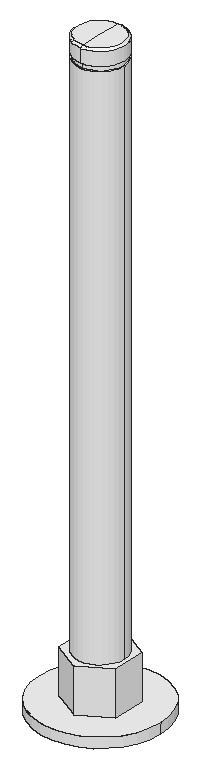
Revit family "Reece_Shower_Posh_Solus_Shower Arm_Vertical", category Plumbing Fixtures, host Face, Revit 2018
Family settings
  Host = Face
  Round Connector Dimension = Use Diameter
  Part Type = Normal
  Cut with Voids When Loaded = No
  Shared = Yes
  Room Calculation Point = Yes
Parameters (values of type "300_Chrome")
  WFU = 0  # constant formula
  URL = "https://www.reece.com.au/product/-9503560"
  Type Comments = "Shower"
  Reece_Shower_Inlet = 15 mm  # constant formula
  Reece_Product_Web Page = "https://www.reece.com.au/product/-9503560"
  Reece_Product_Type = "Shower"  # constant formula
  Reece_Product_Sub Brand = "Solus"  # constant formula
  Reece_Product_Number = "9503560"
  Reece_Product_Mount = "Ceiling Mounted"
  Reece_Product_Description = "Posh Solus Vertical Shower Arm & Cover 300mm Chrome"
  Reece_Product_Brand = "Posh"  # constant formula
  Reece_Overall_Height = 300 mm
  Reece_Overall_Diameter = 24 mm
  Reece_Material_Main [instance] = Reece_Brass_Chrome
  Reece_Detail_Disclaimer = "THIS FILE IS THE PROPERTY OF THE REECE GROUP. IT MAY NOT BE REPRODUCED, REVERSE-ENGINEERED OR MODIFIED. ANY REPUBLICATION, TRANSMISSION OR DISTRIBUTION FOR THE PURPOSE OF COMMERCIALLY EXPLOITING THE FILES IS PROHIBITED."  # constant formula
  Reece_Detail_Additional = "Vertical"  # constant formula
  Model = "Solus"
  Manufacturer = "Posh"
  Keynote = "Product #9503560, Reece_Shower_Posh_Solus_Shower Arm_Vertical - 300_Chrome"
  HWFU = 0  # constant formula
  Disclaimer = "THIS FILE IS THE PROPERTY OF THE REECE GROUP. IT MAY NOT BE REPRODUCED, REVERSE-ENGINEERED OR MODIFIED. ANY REPUBLICATION, TRANSMISSION OR DISTRIBUTION FOR THE PURPOSE OF COMMERCIALLY EXPLOITING THE FILES IS PROHIBITED."  # constant formula
  Description = "Posh Solus Vertical Shower Arm & Cover 300mm Chrome"
  Default Elevation = 0 mm
  CWFU = 0  # constant formula
Types (2, lengths in mm): name | URL | Reece_Product_Web Page | Reece_Product_Number | Reece_Product_Description | Reece_Overall_Height | Keynote | Description
  600mm_Chrome | "https://www.reece.com.au/product/-9503561" | "https://www.reece.com.au/product/-9503561" | "9503561" | "Posh Solus Vertical (Ceiling) Shower Arm & Cover 600mm Chrome" | 600 | "Product #9503561, Reece_Shower_Posh_Solus_Shower Arm_Vertical - 600mm_Chrome" | "Posh Solus Vertical (Ceiling) Shower Arm & Cover 600mm Chrome"
  300_Chrome | "https://www.reece.com.au/product/-9503560" | "https://www.reece.com.au/product/-9503560" | "9503560" | "Posh Solus Vertical Shower Arm & Cover 300mm Chrome" | 300 | "Product #9503560, Reece_Shower_Posh_Solus_Shower Arm_Vertical - 300_Chrome" | "Posh Solus Vertical Shower Arm & Cover 300mm Chrome"
Reference planes
  plane 1 "Center (Front/Back)": y = 0
  plane 2: z = 0
  plane 3 "Center (Left/Right)": x = 0
  plane 4: z = 300
  plane 5: x = -12
  plane 6: x = 12
  plane 7: y = 12
  plane 8: y = -12
  plane 9: z = 290
Forms (mm)
  Extrusion 1, solid, material "Reece_Brass_Chrome" <- "Reece_Material_Main"
    sketch origin (0, 0, 0) x (1, 0, 0) y (0, 1, 0)
      loop
        circle (0, 0) r 12
    from 27 to 290
  Extrusion 2, solid, material "Reece_Brass_Chrome" <- "Reece_Material_Main"
    sketch origin (0, 0, 0) x (1, 0, 0) y (0, 1, 0)
      loop
        line (-14, -8.083) -> (0, -16.166) -> (14, -8.083) -> (14, 8.083) -> (0, 16.166) -> (-14, 8.083) -> (-14, -8.083)
    from 5 to 27
  Extrusion 3, void
    sketch origin (0, 0, 0) x (1, 0, 0) y (0, 1, 0)
      loop
        circle (0, 0) r 12.5
    from 0 to -40
  Extrusion 4, solid, material "Reece_Brass_Chrome" <- "Reece_Material_Main"
    sketch origin (0, 0, 0) x (1, 0, 0) y (0, 1, 0)
      loop
        circle (0, 0) r 30
    from 0 to 5
  Revolve 5, solid, material "Reece_Brass_Chrome" <- "Reece_Material_Main"
    sketch origin (0, 0, 0) x (0, 1, 0) y (0, 0, 1)
      loop
        line (0, 300) -> (0, 290) -> (11, 290) -> (11, 292.5) -> (12, 292.5) -> (12, 299) -> (11, 300) -> (0, 300)
      axis (0, 300) -> (0, 290)
    angle from 0 to 360
Cuts and joins
  joined: Extrusion 1, Extrusion 2
Text (mm)
  text "Reece Copyright © 2018, Reece Ltd." at (-684.407, -223.434, 0), in view "Ref. Level"
  text "Reece ©" at (290.323, 26.521, 334.836), in view "Reece_Preview"
Dimensions and locks
  "Reece_Overall_Height": plane 4 to plane 2
  equal spacing: plane 8, plane 1 "Center (Front/Back)", plane 7
  "Reece_Overall_Diameter": plane 8 to plane 7
  equal spacing: plane 5, plane 3 "Center (Left/Right)", plane 6
  "Reece_Overall_Diameter": plane 5 to plane 6
  locked: plane 4 to plane 9 at 10
  aligned and locked: host face to plane 2
  aligned and locked: level to host face
  aligned and locked: plane 4 to Revolve 5
  aligned and locked: plane 9 to cut or joined group of Extrusion 1, Extrusion 2
Automatic sketch dimensions
  host sketch curve to host sketch curve = 400 mm  (x2)
  plane 1 "Center (Front/Back)" to Extrusion 1 sketch curve = 0 mm
  Extrusion 1 sketch curve to plane 3 "Center (Left/Right)" = 0 mm
  plane 1 "Center (Front/Back)" to Extrusion 3 sketch curve = 0 mm
  Extrusion 3 sketch curve to plane 3 "Center (Left/Right)" = 0 mm
  Revolve 5 sketch curve to plane 1 "Center (Front/Back)" = 0 mm  (x2)
  Revolve 5 sketch curve to plane 4 = 0 mm
  Revolve 5 sketch curve to plane 9 = 0 mm
  Revolve 5 sketch curve to plane 7 = 0 mm
  Revolve 5 sketch curve to plane 7 = 1 mm  (x2)
  plane 9 to Revolve 5 sketch curve = 2.5 mm
  Revolve 5 sketch curve to plane 4 = 1 mm
  Revolve 5 sketch curve to plane 9 = 126.95 mm
  Revolve 5 sketch curve to Revolve 5 sketch curve = 160.641 mm
  plane 1 "Center (Front/Back)" to Extrusion 4 sketch curve = 0 mm
  Extrusion 4 sketch curve to plane 3 "Center (Left/Right)" = 0 mm
  radius of Extrusion 1 sketch curve = 12 mm
  radius of Extrusion 3 sketch curve = 12.5 mm
  radius of Extrusion 4 sketch curve = 30 mm
Connectors
  piping at (0, 0, 0), diameter 15, driven by "Reece_Shower_Inlet"
    settings: on Extrusion 4, index 1, connector inside diameter 609.6 mm, connector length 0 mm, flow factor 0, pipe flow 0.0 L/s, pressure drop 0.0 Pa, fitting loss kfactor 0, connector angle 0.00°, fixture units 0, engagement length 0 mm, angle of deflection 0.00°, flow configuration 0, flow direction 1, fitting loss method 0, system type 29, joint type 0, gender type 0, connector reference index -1, connector utility 0, adjustable connector no, is connector primary yes, connector description ""
